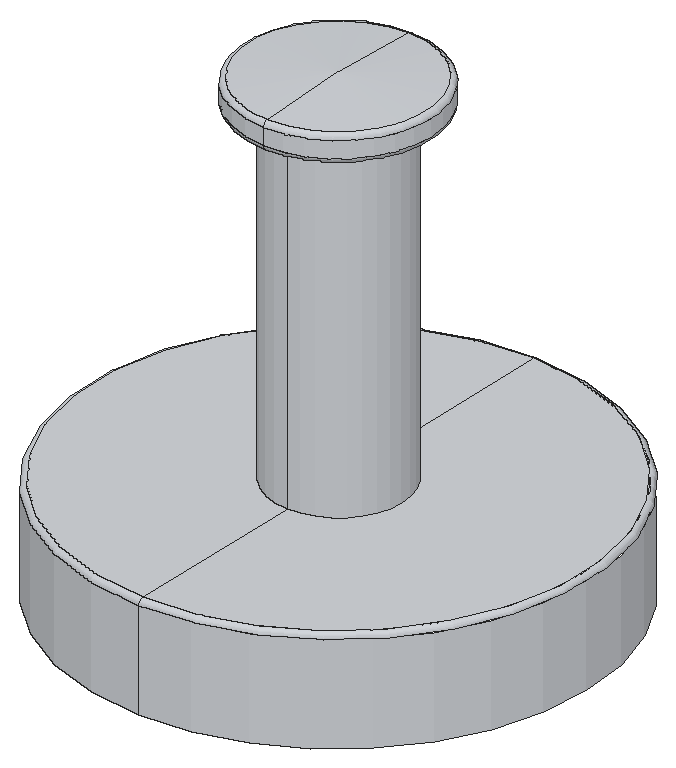
Revit family "Accessory-Robe_Hook-KOHLER-Elate-K-27290", category Specialty Equipment, host Face, Revit 2015
Parameters (values of type "CP-Polished Chrome")
  Width = 1 7/8"  # constant formula
  WaterSense Certified = 1 = 0  # no
  URL = "https://www.us.kohler.com/us/"
  Type = 1
  Product Page URL = "http://www.us.kohler.com/us/catalog/productDetails.jsp?productNumber=27290"
  Product Name = "Elate"  # constant formula
  Product Documentation Link = "https://www.us.kohler.com/webassets/kpna/catalog/pdf/en/K-27290_spec.pdf"
  Model = if(Type = 1, "K-27290-CP", if(Type = 2, "K-27290-BN", "NA"))  # "K-27290-CP"
  Material = "Premium Metal Construction "  # constant formula
  MasterFormat 2004 = "10.28.13"  # constant formula
  MasterFormat 1995 = "10820"  # constant formula
  Manufacturer Address = "444 Highland Dr, Kohler, WI 53044"  # constant formula
  Manufacturer = "KOHLER Co."  # constant formula
  Length = 2"  # constant formula
  Height = 2"  # constant formula
  Finish = Kohler-Metal-CP-Polished_Chrome
  Environmental Product Declaration = ""
  Description = "Robe Hook"  # constant formula
  Default Elevation = 42"
  Declare Label = ""
  Date Modified = "02/04/2019"  # constant formula
  Date Created = "02/04/2019"  # constant formula
  Copyright = "Copyright KOHLER Co."  # constant formula
  Contact Us = "https://www.us.kohler.com/us/static/contact.jsp"
  Assembly Code = "C1030200"
  ADA Compliant = 1 = 0  # no
Types (3): name | Type | Model | Finish
  (no name) | 1 | "K-27290-CP" | Kohler-Metal-CP-Polished_Chrome
  CP-Polished Chrome | 1 | "K-27290-CP" | Kohler-Metal-CP-Polished_Chrome
  BN-Vibrant Brushed Nickel | 2 | "K-27290-BN" | Kohler-Metal-BN-Vibrant_Brushed_Nickel
Reference planes (in)
  plane 1 "Center (Front/Back)": y = 0
  plane 2: z = 0
  plane 3 "Center (Left/Right)": x = 0
  plane 4: x = -1
  plane 5: y = 1
  plane 6: y = -1
  plane 7: x = 1
  plane 8: z = 1.875
Dimensions and locks (in)
  "Height": plane 5 to plane 6
  "Length": plane 4 to plane 7
  "Width": plane 8 to plane 2
  aligned and locked: host face to plane 2
  aligned and locked: host face to level
Automatic sketch dimensions
  host sketch curve to host sketch curve = 96"  (x2)
Nested families (in)
  nested 1: "K-27290" at (0, 0, 0), type "K-27290"
Definition of nested family "K-27290"
  Parameters (values of type "K-27290")
    Material = none
  Reference planes (in)
    plane 1 "Center (Front/Back)": y = 0
    plane 2: z = 0
    plane 3 "Center (Left/Right)": x = 0
    plane 4: x = -1
    plane 5: x = 1
    plane 6: y = 1
    plane 7: y = -1
    plane 8: z = 1.875
  Forms (in)
    Revolve 1, solid, material <- "Material", detail levels medium+fine
      sketch origin (0, 0, 0) x (0, 1, 0) y (0, 0, 1)
        loop
          line (0, 0) -> (0, 1.875)
          arc (0, 1.875) -> (-0.1776, 1.87072) -> (-0.35479, 1.85788) r 3.68517
          arc (-0.35479, 1.85788) -> (-0.36849, 1.85101) -> (-0.37402, 1.8367) r 0.02128
          line (-0.37402, 1.8367) -> (-0.37402, 1.77161)
          arc (-0.37402, 1.77161) -> (-0.36826, 1.75772) -> (-0.35437, 1.75197) r 0.01965
          line (-0.35437, 1.75197) -> (-0.25591, 1.75197) -> (-0.25591, 0.41339) -> (-0.97949, 0.41339)
          arc (-0.97949, 0.41339) -> (-0.99399, 0.40738) -> (-1, 0.39287) r 0.02051
          line (-1, 0.39287) -> (-1, 0) -> (0, 0)
        axis (0, 1.875) -> (0, 0)
      angle from 0 to 360
    Revolve 2, solid, material <- "Material", detail levels coarse
      sketch origin (0, 0, 0) x (0, 1, 0) y (0, 0, 1)
        loop
          line (0, 0) -> (0, 1.875) -> (-0.55307, 1.875) -> (-0.55307, 1.625) -> (-0.25591, 1.625) -> (-0.25591, 0.51855) -> (-1, 0.51855) -> (-1, 0) -> (0, 0)
        axis (0, 1.875) -> (0, 0)
      angle from 0 to 360
  Lines and regions (in)
    Masking region 1
      outline origin (0, 0, 0) x (1, 0, 0) y (0, 0, 1)
        loop
          line (0, 0) -> (1, 0) -> (1, 0.39287)
          arc (1, 0.39287) -> (0.99399, 0.40738) -> (0.97949, 0.41339) r 0.02051
          line (0.97949, 0.41339) -> (0.25591, 0.41339) -> (0.25591, 1.75197) -> (0.35437, 1.75197)
          arc (0.35437, 1.75197) -> (0.36826, 1.75772) -> (0.37402, 1.77161) r 0.01965
          line (0.37402, 1.77161) -> (0.37402, 1.8367)
          arc (0.37402, 1.8367) -> (0.36849, 1.85101) -> (0.35479, 1.85788) r 0.02128
          arc (0.35479, 1.85788) -> (0.1776, 1.87072) -> (0, 1.875) r 3.68517
          arc (0, 1.875) -> (-0.1776, 1.87072) -> (-0.35479, 1.85788) r 3.68517
          arc (-0.35479, 1.85788) -> (-0.36849, 1.85101) -> (-0.37402, 1.8367) r 0.02128
          line (-0.37402, 1.8367) -> (-0.37402, 1.77161)
          arc (-0.37402, 1.77161) -> (-0.36826, 1.75772) -> (-0.35437, 1.75197) r 0.01965
          line (-0.35437, 1.75197) -> (-0.25591, 1.75197) -> (-0.25591, 0.41339) -> (-0.97949, 0.41339)
          arc (-0.97949, 0.41339) -> (-0.99399, 0.40738) -> (-1, 0.39287) r 0.02051
          line (-1, 0.39287) -> (-1, 0) -> (0, 0)
    Masking region 2
      outline origin (0, 0, 0) x (0, 1, 0) y (0, 0, 1)
        loop
          line (0, 0) -> (1, 0) -> (1, 0.39287)
          arc (1, 0.39287) -> (0.99399, 0.40738) -> (0.97949, 0.41339) r 0.02051
          line (0.97949, 0.41339) -> (0.25591, 0.41339) -> (0.25591, 1.75197) -> (0.35437, 1.75197)
          arc (0.35437, 1.75197) -> (0.36826, 1.75772) -> (0.37402, 1.77161) r 0.01965
          line (0.37402, 1.77161) -> (0.37402, 1.8367)
          arc (0.37402, 1.8367) -> (0.36849, 1.85101) -> (0.35479, 1.85788) r 0.02128
          arc (0.35479, 1.85788) -> (0.1776, 1.87072) -> (0, 1.875) r 3.68517
          arc (0, 1.875) -> (-0.1776, 1.87072) -> (-0.35479, 1.85788) r 3.68517
          arc (-0.35479, 1.85788) -> (-0.36849, 1.85101) -> (-0.37402, 1.8367) r 0.02128
          line (-0.37402, 1.8367) -> (-0.37402, 1.77161)
          arc (-0.37402, 1.77161) -> (-0.36826, 1.75772) -> (-0.35437, 1.75197) r 0.01965
          line (-0.35437, 1.75197) -> (-0.25591, 1.75197) -> (-0.25591, 0.41339) -> (-0.97949, 0.41339)
          arc (-0.97949, 0.41339) -> (-0.99399, 0.40738) -> (-1, 0.39287) r 0.02051
          line (-1, 0.39287) -> (-1, 0) -> (0, 0)
    Masking region 3
      outline origin (0, 0, 0) x (1, 0, 0) y (0, 1, 0)
        loop
          arc (-1, 0) -> (-0.70711, -0.70711) -> (0, -1) r 1
          arc (0, -1) -> (0.70711, -0.70711) -> (1, 0) r 1
          arc (1, 0) -> (0.70711, 0.70711) -> (0, 1) r 1
          arc (0, 1) -> (-0.70711, 0.70711) -> (-1, 0) r 1
    symbolic lines, detail levels medium+fine
      curve 1: line (0.25591, 0, 0.41339) -> (-0.25591, 0, 0.41339)
      curve 2: line (1, 0, 0.39287) -> (-1, 0, 0.39287)
      curve 3: line (0.25591, 0, 1.75197) -> (-0.25591, 0, 1.75197)
      curve 4: line (0.35479, 0, 1.85788) -> (-0.35479, 0, 1.85788)
      curve 5: line (0, 1, 0.39287) -> (0, -1, 0.39287)
      curve 6: line (0, 0.25591, 0.41339) -> (0, -0.25591, 0.41339)
      curve 7: line (0, 0.25591, 1.75197) -> (0, -0.25591, 1.75197)
      curve 8: line (0, 0.35479, 1.85788) -> (0, -0.35479, 1.85788)
      curve 9: circle (0, 0, 0) r 0.98509 normal (0, 0, 1)
      curve 10: circle (0, 0, 0) r 0.37268 normal (0, 0, 1)
      curve 11: circle (0, 0, 0) r 0.35938 normal (0, 0, 1)
  Dimensions and locks (in)
    locked: plane 4 to plane 5 at 2
    locked: plane 7 to plane 6 at 2
    locked: plane 8 to plane 2 at 1.875
    aligned and locked: plane 2 to level
